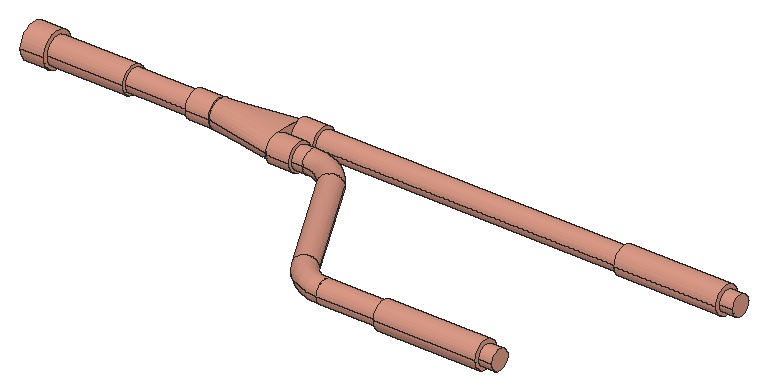
Revit family "outputfile", category 配管付属品, Revit 2024
Family settings
  丸型コネクタ寸法 = 半径を使用
  パーツ タイプ = 標準
  OmniClass 番号 = 23.65.55.00
  OmniClass タイトル = Distribution of Supplied Liquids/Gases
  作業面ベース = いいえ
  常に垂直 = はい
  ロード時にボイドで切り取り = いいえ
  共有 = いいえ
Parameters (values of type "BHRP25A33T")
  Description = ""
  製造元 = "Daikin"
  書き出し IFC クラス(タイプ) = "IfcPipeFittingType"
  定義済み IFC タイプ(タイプ) = "JUNCTION"
  Cost = 0
  Type Comments = ""
  Keynote = ""
  Type Image = (empty or 0)
  Assembly Code = ""
  mm⇔inch [instance] = yes
  l_InletPipe4 = 10.0 mm
  built-in parameter 1114242 [instance] = (empty or 0)
  Default Elevation = 0.0 mm
  モデル = "BHRP25A33T"
  table_StraightPipe [instance] = if(mm⇔inch, "Refnet Joint_BHRP25A-T_Liquid_StraightPipe", "Refnet Joint_BHRP25A-T_Liquid_StraightPipe_inch")  # "Refnet Joint_BHRP25A-T_Liquid_StraightPipe"
  table_BranchPipe [instance] = if(mm⇔inch, "Refnet Joint_BHRP25A-T_Liquid_BranchPipe", "Refnet Joint_BHRP25A-T_Liquid_BranchPipe_inch")  # "Refnet Joint_BHRP25A-T_Liquid_BranchPipe"
  table_Inlet [instance] = if(mm⇔inch, "Refnet Joint_BHRP25A-T_Liquid_Inlet", "Refnet Joint_BHRP25A-T_Liquid_Inlet_inch")  # "Refnet Joint_BHRP25A-T_Liquid_Inlet"
  switch_StraightPipe_Reducer [instance] = if(Is_StraightPipe Reducer = 1, 1 = 1, 1 = 0)  # no
  switch_StraightPipe3 [instance] = if(number_StraightPipe = 3, 1 = 1, 1 = 0)  # no
  switch_StraightPipe2 [instance] = if(number_StraightPipe < 2, 1 = 0, 1 = 1)  # yes
  switch_BranchPipe_Reducer [instance] = if(Is_BranchPipe Reducer = 1, 1 = 1, 1 = 0)  # no
  switch_BranchPipe3 [instance] = if(number_BranchPipe = 3, 1 = 1, 1 = 0)  # no
  switch_BranchPipe2 [instance] = if(number_BranchPipe < 2, 1 = 0, 1 = 1)  # yes
  switch_Inlet pipe_Reducer [instance] = if(Is_Inlet Reducer = 1, 1 = 1, 1 = 0)  # no
  switch_Inlet pipe3 [instance] = if(number_InletPipe = 3, 1 = 1, 1 = 0)  # no
  switch_Inlet pipe2 [instance] = if(number_InletPipe < 2, 1 = 0, 1 = 1)  # yes
  Uniclass2015Version = "Products v1.31"
  Uniclass2015Title = "Copper pipe fittings"
  Uniclass2015Code = "Pr_65_52_63_18"
  URL = ""
  StraightPipe_Liquid_ActualDiameter [instance] = 6.4 mm
  Material_Piping = DAIKIN_Copper_Pipe
  Material_Insulation = DAIKIN_White_Insulation
  lw_Insulation [instance] = size_lookup(table_Inlet, "lw_Insulation", 26.0 mm, モデル)  # 26.0 mm
  Unit Type = "BHRP25A-T_Liquid"
  Tag No. [instance] = ""
  StraightPipe_Liquid_Status [instance] = size_lookup(table_StraightPipe, "Information", "The connected pipe size is not available.", モデル, StraightPipe_Liquid_ActualDiameter)  # "Default connector size is used."
  Link_Nested Family [instance] = ""
  Inlet_Liquid_Actual Diameter [instance] = 12.7 mm
  IfcVersion = ""
  IfcExportType = "JUNCTION"
  IfcExportAs = "IfcPipeFittingType"
  BranchPipe_Liquid_Status [instance] = size_lookup(table_BranchPipe, "Information", "The connected pipe size is not available.", モデル, BranchPipe_Liquid_ActualDiameter)  # "Default connector size is used."
  Inlet_Liquid_Status [instance] = size_lookup(table_Inlet, "Information", "The connected pipe size is not available.", モデル, Inlet_Liquid_Actual Diameter)  # "Default connector size is used."
  Series = "Refnet Joint"
  O.R_dividePipe_Inlet [instance] = (I.D_InletPipe1 + 2.0 mm) / 2  # 5.75 mm
  r_StraightPipe_Connector [instance] = StraightPipe_Liquid_ActualDiameter / 2  # 3.2 mm
  r_BranchPipe_Connector [instance] = BranchPipe_Liquid_ActualDiameter / 2  # 3.2 mm
  r_Inlet_Connector [instance] = Inlet_Liquid_Actual Diameter / 2  # 6.35 mm
  number_StraightPipe [instance] = size_lookup(table_StraightPipe, "pipeNumber", 2, モデル, StraightPipe_Liquid_ActualDiameter)  # 2
  number_BranchPipe [instance] = size_lookup(table_BranchPipe, "pipeNumber", 2, モデル, BranchPipe_Liquid_ActualDiameter)  # 2
  number_InletPipe [instance] = size_lookup(table_Inlet, "pipeNumber", 1, モデル, Inlet_Liquid_Actual Diameter)  # 2
  r_BranchPipeR [instance] = size_lookup(table_BranchPipe, "r_offsetPipeR", 18.0 mm, モデル, BranchPipe_Liquid_ActualDiameter)  # 18.0 mm
  l_BranchPipe_Straight2 [instance] = size_lookup(table_BranchPipe, "L_offsetPipe2", 25.5 mm, モデル)  # 25.5 mm
  l_BranchPipe_Straight1 [instance] = size_lookup(table_BranchPipe, "L_offsetPipe1", 5.0 mm, モデル)  # 5.0 mm
  l_BranchPipe connector [instance] = size_lookup(table_BranchPipe, "Length", 150.0 mm, モデル, BranchPipe_Liquid_ActualDiameter)  # 150.0 mm
  l_inlet connector [instance] = size_lookup(table_Inlet, "Length", 70.0 mm, モデル, Inlet_Liquid_Actual Diameter)  # 80.0 mm
  l_dividePipe [instance] = size_lookup(table_Inlet, "L_devidePipe", 30.0 mm, モデル)  # 30.0 mm
  l_StraightPipeReducer [instance] = size_lookup(table_StraightPipe, "L_Reducer", 80.0 mm, モデル, StraightPipe_Liquid_ActualDiameter)  # 80.0 mm
  l_StraightPipe3 [instance] = size_lookup(table_StraightPipe, "L_Pipe3", 2.0 mm, モデル)  # 2.0 mm
  l_StraightPipe2 [instance] = size_lookup(table_StraightPipe, "L_Pipe2", 6.0 mm, モデル)  # 6.0 mm
  l_StraightPipe1 [instance] = size_lookup(table_StraightPipe, "L_Pipe1", 44.0 mm, モデル)  # 44.0 mm
  l_StraightPipe0 [instance] = size_lookup(table_StraightPipe, "L_Pipe0", 130.0 mm, モデル)  # 130.0 mm
  l_StraightPipe connector [instance] = size_lookup(table_StraightPipe, "Length", 190.0 mm, モデル, StraightPipe_Liquid_ActualDiameter)  # 190.0 mm
  l_BranchPipe Reducer [instance] = size_lookup(table_BranchPipe, "L_Reducer", 50.0 mm, モデル, BranchPipe_Liquid_ActualDiameter)  # 50.0 mm
  l_BranchPipe3 [instance] = size_lookup(table_BranchPipe, "L_Pipe3", 2.0 mm, モデル)  # 2.0 mm
  l_BranchPipe2 [instance] = size_lookup(table_BranchPipe, "L_Pipe2", 6.0 mm, モデル)  # 6.0 mm
  l_BranchPipe1 [instance] = size_lookup(table_BranchPipe, "L_Pipe1", 44.0 mm, モデル)  # 44.0 mm
  l_BranchPipe0 [instance] = size_lookup(table_BranchPipe, "L_Pipe0", 90.0 mm, モデル)  # 90.0 mm
  l_InletReducer [instance] = size_lookup(table_Inlet, "L_Reducer", 80.0 mm, モデル, Inlet_Liquid_Actual Diameter)  # 80.0 mm
  l_InletPipe3 [instance] = size_lookup(table_Inlet, "L_Pipe3", 2.0 mm, モデル)  # 2.0 mm
  l_InletPipe2 [instance] = size_lookup(table_Inlet, "L_Pipe2", 2.0 mm, モデル)  # 10.0 mm
  l_InletPipe1 [instance] = size_lookup(table_Inlet, "L_Pipe1", 7.0 mm, モデル)  # 33.0 mm
  l_InletPipe0 [instance] = size_lookup(table_Inlet, "L_Pipe0", 53.0 mm, モデル)  # 27.0 mm
  center_StraightPipe [instance] = size_lookup(table_StraightPipe, "center_Pipe", 6.5 mm, モデル)  # 6.5 mm
  center_BranchPipe2 [instance] = size_lookup(table_BranchPipe, "center_OffsetPipe", 73.5 mm, モデル)  # 73.5 mm
  center_BranchPipe1 [instance] = size_lookup(table_BranchPipe, "center_Pipe", 6.5 mm, モデル)  # 6.5 mm
  StraightPipe_Liquid_AvailableDiameter [instance] = size_lookup(table_StraightPipe, "sizeVariation", "", モデル)  # "6.4/9.5mm"
  BranchPipe_Liquid_AvailableDiameter [instance] = size_lookup(table_BranchPipe, "sizeVariation", "", モデル)  # "6.4/9.5mm"
  Inlet_Liquid_Available Diameter [instance] = size_lookup(table_Inlet, "sizeVariation", "", モデル)  # "9.5/12.7mm"
  O.D_StraightPipe Reducer [instance] = size_lookup(table_StraightPipe, "O.D_reducer", 2.0 mm, モデル, StraightPipe_Liquid_ActualDiameter)  # 2.0 mm
  O.D_Offset Outlet Reducer [instance] = size_lookup(table_BranchPipe, "O.D_reducer", 2.0 mm, モデル, BranchPipe_Liquid_ActualDiameter)  # 2.0 mm
  O.D_Inlet Reducer [instance] = size_lookup(table_Inlet, "O.D_reducer", 2.0 mm, モデル, Inlet_Liquid_Actual Diameter)  # 2.0 mm
  Is_StraightPipe Reducer [instance] = size_lookup(table_StraightPipe, "IsReducer", 0, モデル, StraightPipe_Liquid_ActualDiameter)  # 0
  Is_BranchPipe Reducer [instance] = size_lookup(table_BranchPipe, "IsReducer", 0, モデル, BranchPipe_Liquid_ActualDiameter)  # 0
  Is_Inlet Reducer [instance] = size_lookup(table_Inlet, "IsReducer", 0, モデル, Inlet_Liquid_Actual Diameter)  # 0
  BranchPipe_Liquid_ActualDiameter [instance] = 6.4 mm
  Attach_Insulation [instance] = no
  I.D_StraightPipe3 [instance] = size_lookup(table_StraightPipe, "I.D_PipeSize3", 2.0 mm, モデル)  # 2.0 mm
  I.D_StraightPipe2 [instance] = size_lookup(table_StraightPipe, "I.D_PipeSize2", 6.4 mm, モデル)  # 6.4 mm
  I.D_StraightPipe1 [instance] = size_lookup(table_StraightPipe, "I.D_PipeSize1", 9.5 mm, モデル)  # 9.5 mm
  I.D_StraightPipe0 [instance] = size_lookup(table_StraightPipe, "I.D_PipeSize0", 7.5 mm, モデル)  # 7.5 mm
  I.D_BranchPipe3 [instance] = size_lookup(table_BranchPipe, "I.D_PipeSize3", 2.0 mm, モデル)  # 2.0 mm
  I.D_BranchPipe2 [instance] = size_lookup(table_BranchPipe, "I.D_PipeSize2", 6.4 mm, モデル)  # 6.4 mm
  I.D_BranchPipe1 [instance] = size_lookup(table_BranchPipe, "I.D_PipeSize1", 9.5 mm, モデル)  # 9.5 mm
  I.D_BranchPipe0 [instance] = size_lookup(table_BranchPipe, "I.D_PipeSize0", 7.5 mm, モデル)  # 7.5 mm
  I.D_Straight Reducer [instance] = size_lookup(table_StraightPipe, "I.D_reducer", 2.0 mm, モデル, StraightPipe_Liquid_ActualDiameter)  # 2.0 mm
  I.D_OutletPipe [instance] = size_lookup(table_Inlet, "I.D_OutletPipeSize", 9.6 mm, モデル, Inlet_Liquid_Actual Diameter)  # 9.6 mm
  I.D_Branch Reducer [instance] = size_lookup(table_BranchPipe, "I.D_reducer", 2.0 mm, モデル, BranchPipe_Liquid_ActualDiameter)  # 2.0 mm
  I.D_Inlet Reducer [instance] = size_lookup(table_Inlet, "I.D_reducer", 2.0 mm, モデル, Inlet_Liquid_Actual Diameter)  # 2.0 mm
  I.D_InletPipe3 [instance] = size_lookup(table_Inlet, "I.D_PipeSize3", 2.0 mm, モデル)  # 2.0 mm
  I.D_InletPipe2 [instance] = size_lookup(table_Inlet, "I.D_PipeSize2", 2.0 mm, モデル)  # 12.7 mm
  I.D_InletPipe1 [instance] = size_lookup(table_Inlet, "I.D_PipeSize1", 9.5 mm, モデル)  # 9.5 mm
  I.D_InletPipe0 [instance] = size_lookup(table_Inlet, "I.D_PipeSize0", 7.5 mm, モデル)  # 7.5 mm
Reference planes
  plane 1 "Center (Front/Back)": y = 0
  plane 2: z = 0
  plane 3 "base_left": x = 0
  plane 4: x = 2
  plane 5: x = 12
  plane 6: x = 45
  plane 7: x = 72
  plane 8: x = 82
  plane 9: x = 112
  plane 10: x = 122
  plane 11 "center_straight outlet": y = 6.5
  plane 12 "center2_offset outlet": y = -73.5
  plane 13 "center1_offset outlet": y = -6.5
  plane 14: x = 252
  plane 15: x = 296
  plane 16: x = 302
  plane 17: x = 212
  plane 18: x = 256
  plane 19: x = 262
  plane 20: x = 304
  plane 21: x = 264
  plane 22 "Reducer_straightoutlet": x = 262
  plane 23: x = 302
  plane 24: y = -12.25
  plane 25: z = 5.75
  plane 26 "Inlet_connector": x = 2
  plane 27 "Left_Insulation": x = 56
Forms (mm)
  SweptBlend 1, solid, material "DAIKIN_Copper_Pipe" <- "Material_Piping"
    path origin (0, 0, 0) x (1, 0, 0) y (0, 1, 0)
      loop
        line (82, 0) -> (112, 0)
    profile origin (82, 0, 0) x (0, 1, 0) y (0, 0, 1)
      loop
        circle (0, 0) r 5.75
    end profile origin (112, 0, 0) x (0, 1, 0) y (0, 0, 1)
      loop
        spline (-12.25, 0) -> (-11.833, -1.488) -> (-10.609, -2.875) -> (-8.662, -4.066) -> (-6.125, -4.98) -> (-3.171, -5.554) -> (0, -5.75) -> (3.171, -5.554) -> (6.125, -4.98) -> (8.662, -4.066) -> (10.609, -2.875) -> (11.833, -1.488) -> (12.25, 0)
        spline (12.25, 0) -> (11.833, 1.488) -> (10.609, 2.875) -> (8.662, 4.066) -> (6.125, 4.98) -> (3.171, 5.554) -> (0, 5.75) -> (-3.171, 5.554) -> (-6.125, 4.98) -> (-8.662, 4.066) -> (-10.609, 2.875) -> (-11.833, 1.488) -> (-12.25, 0)
Dimensions and locks
  "l_InletPipe3": plane 3 "base_left" to plane 4
  "l_InletPipe2": plane 4 to plane 5
  "l_InletPipe1": plane 5 to plane 6
  "l_InletPipe0": plane 6 to plane 7
  "l_InletPipe4": plane 7 to plane 8
  "center_StraightPipe": plane 1 "Center (Front/Back)" to plane 11 "center_straight outlet"
  "center_BranchPipe2": plane 12 "center2_offset outlet" to plane 1 "Center (Front/Back)"
  "center_BranchPipe1": plane 13 "center1_offset outlet" to plane 1 "Center (Front/Back)"
  "l_dividePipe": plane 8 to plane 9
  plane 9 to plane 10 = 10.0 mm
  "l_StraightPipe0": plane 10 to plane 14
  "l_BranchPipe0": plane 10 to plane 17
  "l_BranchPipe1": plane 17 to plane 18
  "l_BranchPipe2": plane 18 to plane 19
  "l_StraightPipe1": plane 14 to plane 15
  "l_StraightPipe2": plane 15 to plane 16
  "l_StraightPipe3": plane 16 to plane 20
  "l_BranchPipe3": plane 19 to plane 21
  "l_BranchPipe connector": plane 9 to plane 22 "Reducer_straightoutlet"
  "l_StraightPipe connector": plane 9 to plane 23
  "O.R_dividePipe_Inlet": plane 24 to plane 13 "center1_offset outlet"
  "O.R_dividePipe_Inlet": plane 25 to plane 2
  "l_inlet connector": plane 26 "Inlet_connector" to plane 8
  "lw_Insulation": plane 27 "Left_Insulation" to plane 8
  "O.R_dividePipe_Inlet": radius of SweptBlend 1 sketch curve
  aligned and locked: level to plane 2
  aligned and locked: plane 2 to nested 1
  aligned and locked: plane 3 "base_left" to nested 1
  aligned and locked: plane 1 "Center (Front/Back)" to nested 1
  aligned and locked: plane 4 to nested 2
  aligned and locked: plane 1 "Center (Front/Back)" to nested 2
  aligned and locked: plane 5 to nested 2
  aligned and locked: plane 5 to nested 3
  aligned and locked: plane 6 to nested 3
  aligned and locked: plane 6 to nested 4
  aligned and locked: nested 4 to plane 7
  aligned and locked: nested 5 to plane 7
  aligned and locked: nested 5 to plane 8
  aligned and locked: plane 8 to SweptBlend 1 sketch curve
  aligned and locked: plane 9 to SweptBlend 1 sketch curve
  aligned and locked: plane 2 to SweptBlend 1 sketch curve  (x2)
  aligned and locked: plane 1 "Center (Front/Back)" to SweptBlend 1 sketch curve  (x2)
  aligned and locked: nested 6 to plane 9
  aligned and locked: nested 7 to plane 9
  aligned and locked: nested 6 to plane 11 "center_straight outlet"
  aligned and locked: nested 7 to plane 13 "center1_offset outlet"
  aligned and locked: nested 7 to plane 10
  aligned and locked: nested 6 to plane 10
  aligned and locked: nested 8 to plane 10
  aligned and locked: plane 14 to nested 8
  aligned and locked: nested 8 to plane 11 "center_straight outlet"
  aligned and locked: plane 14 to nested 9
  aligned and locked: nested 9 to plane 11 "center_straight outlet"
  aligned and locked: plane 15 to nested 9
  aligned and locked: nested 10 to plane 11 "center_straight outlet"
  aligned and locked: plane 15 to nested 10
  aligned and locked: plane 16 to nested 10
  aligned and locked: nested 11 to plane 12 "center2_offset outlet"
  aligned and locked: plane 17 to nested 11
  aligned and locked: plane 18 to nested 11
  aligned and locked: nested 12 to plane 12 "center2_offset outlet"
  aligned and locked: plane 18 to nested 12
  aligned and locked: plane 19 to nested 12
  aligned and locked: nested 13 to plane 10
  aligned and locked: nested 13 to plane 13 "center1_offset outlet"
  aligned and locked: nested 13 to plane 12 "center2_offset outlet"
  aligned and locked: plane 8 to nested 14
  aligned and locked: plane 1 "Center (Front/Back)" to nested 14
  aligned and locked: plane 11 "center_straight outlet" to nested 15
  aligned and locked: nested 15 to plane 9
  aligned and locked: nested 16 to plane 9
  aligned and locked: plane 12 "center2_offset outlet" to nested 16
  aligned and locked: nested 17 to plane 1 "Center (Front/Back)"
  aligned and locked: plane 16 to nested 18
  aligned and locked: plane 20 to nested 18
  aligned and locked: plane 19 to nested 19
  aligned and locked: plane 21 to nested 19
  aligned and locked: nested 20 to plane 12 "center2_offset outlet"
  aligned and locked: plane 23 to nested 21
  aligned and locked: nested 21 to plane 11 "center_straight outlet"
  aligned and locked: plane 4 to nested 1
  aligned and locked: plane 24 to SweptBlend 1 sketch curve
  aligned and locked: plane 25 to SweptBlend 1 sketch curve
  aligned and locked: nested 19 to plane 12 "center2_offset outlet"
  aligned and locked: nested 18 to plane 11 "center_straight outlet"
  aligned and locked: nested 17 to plane 26 "Inlet_connector"
  aligned and locked: plane 22 "Reducer_straightoutlet" to nested 20
  aligned and locked: plane 27 "Left_Insulation" to nested 22
  aligned and locked: plane 1 "Center (Front/Back)" to nested 22
Automatic sketch dimensions
  plane 1 "Center (Front/Back)" to SweptBlend 1 sketch curve = 0.0 mm
Nested families
  nested 1: "daikin_Pipe" at (1, 0, 0), I.D_Pipe <- "I.D_InletPipe3", display <- "switch_Inlet pipe3", type "*"
    with length_Pipe 2.0 mm, display no, O.D_Pipe 4.0 mm, I.D_Pipe 2.0 mm
  nested 2: "daikin_Pipe" at (7, 0, 0), I.D_Pipe <- "I.D_InletPipe2", display <- "switch_Inlet pipe2", type "*"
    with length_Pipe 10.0 mm, display yes, O.D_Pipe 14.7 mm, I.D_Pipe 12.7 mm
  nested 3: "daikin_Pipe" at (28.5, 0, 0), I.D_Pipe <- "I.D_InletPipe1", type "*"
    with length_Pipe 33.0 mm, display yes, O.D_Pipe 11.5 mm, I.D_Pipe 9.5 mm
  nested 4: "daikin_Pipe" at (58.5, 0, 0), I.D_Pipe <- "I.D_InletPipe0", type "*"
    with length_Pipe 27.0 mm, display yes, O.D_Pipe 9.5 mm, I.D_Pipe 7.5 mm
  nested 5: "daikin_Pipe" at (77, 0, 0), I.D_Pipe <- "I.D_InletPipe1", type "*"
    with length_Pipe 10.0 mm, display yes, O.D_Pipe 11.5 mm, I.D_Pipe 9.5 mm
  nested 6: "daikin_Pipe" at (117, 6.5, 0), I.D_Pipe <- "I.D_OutletPipe", type "*"
    with length_Pipe 10.0 mm, display yes, O.D_Pipe 11.6 mm, I.D_Pipe 9.6 mm
  nested 7: "daikin_Pipe" at (117, -6.5, 0), I.D_Pipe <- "I.D_OutletPipe", type "*"
    with length_Pipe 10.0 mm, display yes, O.D_Pipe 11.6 mm, I.D_Pipe 9.6 mm
  nested 8: "daikin_Pipe" at (187, 6.5, 0), I.D_Pipe <- "I.D_StraightPipe0", type "*"
    with length_Pipe 130.0 mm, display yes, O.D_Pipe 9.5 mm, I.D_Pipe 7.5 mm
  nested 9: "daikin_Pipe" at (274, 6.5, 0), I.D_Pipe <- "I.D_StraightPipe1", type "*"
    with length_Pipe 44.0 mm, display yes, O.D_Pipe 11.5 mm, I.D_Pipe 9.5 mm
  nested 10: "daikin_Pipe" at (299, 6.5, 0), I.D_Pipe <- "I.D_StraightPipe2", display <- "switch_StraightPipe2", type "*"
    with length_Pipe 6.0 mm, display yes, O.D_Pipe 8.4 mm, I.D_Pipe 6.4 mm
  nested 11: "daikin_Pipe" at (234, -73.5, 0), I.D_Pipe <- "I.D_BranchPipe1", type "*"
    with length_Pipe 44.0 mm, display yes, O.D_Pipe 11.5 mm, I.D_Pipe 9.5 mm
  nested 12: "daikin_Pipe" at (259, -73.5, 0), I.D_Pipe <- "I.D_BranchPipe2", display <- "switch_BranchPipe2", type "*"
    with length_Pipe 6.0 mm, display yes, O.D_Pipe 8.4 mm, I.D_Pipe 6.4 mm
  nested 13: "daikin_Pipe Ofsset" at (122, -6.5, 0), I.D_Pipe size <- "I.D_BranchPipe0", length_straight pipe1 <- "l_BranchPipe_Straight1", length_straight pipe2 <- "l_BranchPipe_Straight2", r_Pipe R <- "r_BranchPipeR", length_Pipe <- "l_BranchPipe0", type "*"
    with r_Pipe R 18.0 mm, length_straight pipe2 25.5 mm, length_straight pipe1 5.0 mm, length_offset center 67.0 mm, length_Pipe 90.0 mm, O.D_Pipe size 9.5 mm, I.D_Pipe size 7.5 mm
  nested 14: "daikin_connector_rotate2" at (82, 0, 0) x (0, -1, 0) z (0, 0, 1), length <- "l_inlet connector", type "daikin_connector_rotate2"
    with radius 5.0 mm, length 80.0 mm, angle_vertical 90.00°, locaton_mark no
  nested 15: "daikin_connector_rotate2" at (112, 6.5, 0) x (0, 1, 0) z (0, 0, 1), length <- "l_StraightPipe connector", type "daikin_connector_rotate2"
    with radius 5.0 mm, length 190.0 mm, angle_vertical 90.00°, locaton_mark no
  nested 16: "daikin_connector_rotate2" at (112, -73.5, 0) x (0, 1, 0) z (0, 0, 1), length <- "l_BranchPipe connector", type "daikin_connector_rotate2"
    with radius 5.0 mm, length 150.0 mm, angle_vertical 90.00°, locaton_mark no
  nested 17: "daikin_Pipe_reducer" at (42, 0, 0) x (-1, 0, 0) z (0, 0, 1), display <- "switch_Inlet pipe_Reducer", length_Pipe <- "l_InletReducer", I.D_Pipe1 <- "I.D_Inlet Reducer", O.D_Pipe2 <- "O.D_Inlet Reducer", type "*"
    with length_Pipe 80.0 mm, display no, O.D_Pipe2 2.0 mm, O.D_Pipe1 4.0 mm, I.D_Pipe2 0.0 mm, I.D_Pipe1 2.0 mm
  nested 18: "daikin_Pipe" at (303, 6.5, 0), I.D_Pipe <- "I.D_StraightPipe3", display <- "switch_StraightPipe3", type "*"
    with length_Pipe 2.0 mm, display no, O.D_Pipe 4.0 mm, I.D_Pipe 2.0 mm
  nested 19: "daikin_Pipe" at (263, -73.5, 0), I.D_Pipe <- "I.D_BranchPipe3", display <- "switch_BranchPipe3", type "*"
    with length_Pipe 2.0 mm, display no, O.D_Pipe 4.0 mm, I.D_Pipe 2.0 mm
  nested 20: "daikin_Pipe_reducer" at (237, -73.5, 0), I.D_Pipe1 <- "I.D_Branch Reducer", O.D_Pipe2 <- "O.D_Offset Outlet Reducer", length_Pipe <- "l_BranchPipe Reducer", display <- "switch_BranchPipe_Reducer", type "*"
    with length_Pipe 50.0 mm, display no, O.D_Pipe2 2.0 mm, O.D_Pipe1 4.0 mm, I.D_Pipe2 0.0 mm, I.D_Pipe1 2.0 mm
  nested 21: "daikin_Pipe_reducer" at (262, 6.5, 0), I.D_Pipe1 <- "I.D_Straight Reducer", O.D_Pipe2 <- "O.D_StraightPipe Reducer", length_Pipe <- "l_StraightPipeReducer", display <- "switch_StraightPipe_Reducer", type "*"
    with length_Pipe 80.0 mm, display no, O.D_Pipe2 2.0 mm, O.D_Pipe1 4.0 mm, I.D_Pipe2 0.0 mm, I.D_Pipe1 2.0 mm
  nested 22: "daikin_Insulation_RefnetJoint" at (56, 0, 0), I.D_Outlet PipeSize <- "I.D_OutletPipe", type "*"
    with h 41.6 mm, I.D_Outlet PipeSize 9.6 mm, display no
Connectors
  piping at (2, 0, 0), diameter 12.7, driven by "r_Inlet_Connector"
    settings: on nested 14, index 1, connector inside diameter 609.6 mm, connector length 0.0 mm, flow factor 0, pipe flow 0.00 m³/h, pressure drop 0.0 Pa, fitting loss kfactor 0, connector angle 0.00°, fixture units 0, engagement length 0.0 mm, angle of deflection 0.00°, flow configuration 0, flow direction 1, fitting loss method 0, system type 29, joint type 0, gender type 0, connector reference index -1, connector utility 0, adjustable connector no, is connector primary yes, connector description "Refnet Joint_Inlet_Liquid"
  piping at (262, -73.5, 0), diameter 6.4, driven by "r_BranchPipe_Connector"
    settings: on nested 16, index 2, connector inside diameter 609.6 mm, connector length 0.0 mm, flow factor 0, pipe flow 0.00 m³/h, pressure drop 0.0 Pa, fitting loss kfactor 0, connector angle 0.00°, fixture units 0, engagement length 0.0 mm, angle of deflection 0.00°, flow configuration 0, flow direction 2, fitting loss method 0, system type 29, joint type 0, gender type 0, connector reference index -1, connector utility 0, adjustable connector no, is connector primary no, connector description "Refnet Joint_Outlet Branch_Liquid"
  piping at (302, 6.5, 0), diameter 6.4, driven by "r_StraightPipe_Connector"
    settings: on nested 15, index 3, connector inside diameter 609.6 mm, connector length 0.0 mm, flow factor 0, pipe flow 0.00 m³/h, pressure drop 0.0 Pa, fitting loss kfactor 0, connector angle 0.00°, fixture units 0, engagement length 0.0 mm, angle of deflection 0.00°, flow configuration 0, flow direction 2, fitting loss method 0, system type 29, joint type 0, gender type 0, connector reference index -1, connector utility 0, adjustable connector no, is connector primary no, connector description "Refnet Joint_Outlet Straight_Liquid"
Definition of nested family "daikin_Pipe"
  Parameters (values of type "*")
    Default Elevation = 0.0 mm
    material = none
    length_Pipe [instance] = 150.0 mm
    display [instance] = yes
    O.D_Pipe [instance] = I.D_Pipe + 2.0 mm  # 27.0 mm
    I.D_Pipe [instance] = 25.0 mm
  Reference planes
    plane 1 "Center (Front/Back)": y = 0
    plane 2 "center(vertical)": z = 0
    plane 3 "Center (Left/Right)": x = 0
    plane 4 "left": x = -75
    plane 5 "right": x = 75
  Forms (mm)
    Extrusion 1, solid, material <- "material", visible <- "display"
      sketch origin (0, 0, 0) x (0, 1, 0) y (0, 0, 1)
        loop
          circle (0, 0) r 13.5
      from -75 to 75
  Dimensions and locks
    equal spacing: plane 4 "left", plane 3 "Center (Left/Right)", plane 5 "right"
    "length_Pipe": plane 4 "left" to plane 5 "right"
    "O.D_Pipe": diameter of Extrusion 1 sketch curve
    aligned and locked: level to plane 2 "center(vertical)"
    aligned and locked: plane 2 "center(vertical)" to Extrusion 1 sketch curve
    aligned and locked: plane 1 "Center (Front/Back)" to Extrusion 1 sketch curve
    aligned and locked: plane 5 "right" to Extrusion 1
    aligned and locked: Extrusion 1 to plane 4 "left"
Definition of nested family "daikin_Pipe Ofsset"
  Parameters (values of type "*")
    Default Elevation = 0.0 mm
    r_Pipe R [instance] = 18.0 mm
    material = none
    length_straight pipe2 [instance] = 25.5 mm
    length_straight pipe1 [instance] = 5.0 mm
    length_offset center [instance] = 67.5 mm
    length_Pipe [instance] = 90.0 mm
    O.D_Pipe size [instance] = I.D_Pipe size + 2.0 mm  # 12.0 mm
    I.D_Pipe size [instance] = 10.0 mm
  Reference planes
    plane 1 "Center (Front/Back)": y = 0
    plane 2: z = 0
    plane 3 "Center (Left/Right)": x = 0
    plane 4: y = -67.5
    plane 5: x = 90
    plane 6: x = 64.5
    plane 7: x = 5
  Forms (mm)
    Sweep 1, solid, material <- "material"
      path origin (0, 0, 0) x (1, 0, 0) y (0, 1, 0)
        loop
          line (0, 0) -> (5, 0)
          arc (5, 0) -> (14.03, -2.429) -> (20.623, -9.061) r 18
          line (20.623, -9.061) -> (48.877, -58.439)
          arc (48.877, -58.439) -> (55.47, -65.071) -> (64.5, -67.5) r 18
          line (64.5, -67.5) -> (90, -67.5)
      profile origin (2.5, 0, 0) x (0, 1, 0) y (0, 0, 1)
        loop
          circle (0, 0) r 6
  Dimensions and locks
    "length_offset center": plane 4 to plane 1 "Center (Front/Back)"
    "length_straight pipe1": plane 3 "Center (Left/Right)" to plane 7
    "length_Pipe": plane 3 "Center (Left/Right)" to plane 5
    "length_straight pipe2": plane 6 to plane 5
    "O.D_Pipe size": diameter of Sweep 1 sketch curve
    "r_Pipe R": radius of Sweep 1 sketch curve  (x2)
    aligned and locked: level to plane 2
    aligned and locked: plane 1 "Center (Front/Back)" to Sweep 1 sketch curve
    aligned and locked: profile plane to Sweep 1 sketch curve
    aligned and locked: plane 5 to Sweep 1 sketch curve
    aligned and locked: plane 7 to Sweep 1 sketch curve
    aligned and locked: plane 6 to Sweep 1 sketch curve
  Automatic sketch dimensions
    plane 1 "Center (Front/Back)" to Sweep 1 sketch curve = 0.0 mm
    Sweep 1 sketch curve to plane 3 "Center (Left/Right)" = 0.0 mm
    plane 4 to Sweep 1 sketch curve = 0.0 mm
Definition of nested family "daikin_connector_rotate2"
  Parameters (values of type "daikin_connector_rotate2")
    show_face = no
    radius [instance] = 10.0 mm
    locaton_mark = yes
    length [instance] = 600.0 mm
    d_surface = 10.0 mm
    angle_vertical [instance] = 90.00°
    Default Elevation = 0.0 mm
  Reference planes
    plane 1 "Center (Front/Back)": y = 0
    plane 2: z = 0
    plane 3 "Center (Left/Right)": x = 0
  Forms (mm)
    Extrusion 1, solid, visible <- "show_face"
      sketch origin (0, -600, 0) x (1, 0, 0) y (0, 0, 1)
        loop
          circle (0, 0) r 10
      from 0 to -10
  Lines and regions (mm)
    reference lines
      curve 1: line (0, 0, 0) -> (0, -600, 0)
    symbolic lines, visible <- "locaton_mark"
      curve 2: circle (0, 0, 0) r 5 normal (0, 0, 1)
    model lines, visible <- "show_face"
      curve 3: line (0, 0, 0) -> (0, -600, 0)
  Dimensions and locks
    "length": curve 1 to curve 1
    "length": curve 3 to curve 3
    "d_surface": Extrusion 1 to Extrusion 1
    "radius": radius of Extrusion 1 sketch curve
    "angle_vertical": angle curve 1 to plane 1 "Center (Front/Back)"
    "angle_vertical": angle curve 3 to plane 1 "Center (Front/Back)"
    aligned and locked: level to plane 2
    aligned and locked: plane 1 "Center (Front/Back)" to curve 1
    aligned and locked: plane 2 to curve 1
    aligned and locked: plane 1 "Center (Front/Back)" to curve 2
    aligned and locked: plane 3 "Center (Left/Right)" to curve 2
    aligned and locked: plane 1 "Center (Front/Back)" to curve 3
    aligned and locked: plane 2 to curve 3
    aligned and locked: Extrusion 1 to Extrusion 1
  Automatic sketch dimensions
    Extrusion 1 sketch curve to level = 0.0 mm
    Extrusion 1 sketch curve to plane 3 "Center (Left/Right)" = 0.0 mm
    radius of curve 2 = 5.0 mm
Definition of nested family "daikin_Pipe_reducer"
  Parameters (values of type "*")
    Default Elevation = 0.0 mm
    material = none
    length_Pipe [instance] = 250.0 mm
    display [instance] = yes
    O.D_Pipe2 [instance] = 19.1 mm
    O.D_Pipe1 [instance] = I.D_Pipe1 + 2.0 mm  # 24.2 mm
    I.D_Pipe2 [instance] = O.D_Pipe2 - 2.0 mm  # 17.1 mm
    I.D_Pipe1 [instance] = 22.2 mm
  Reference planes
    plane 1 "Center (Front/Back)": y = 0
    plane 2 "center(vertical)": z = 0
    plane 3 "Center (Left/Right)": x = 0
    plane 4 "connection": x = -125
    plane 5 "right": x = 113
    plane 6: x = 125
  Forms (mm)
    Extrusion 1, solid, material <- "material", visible <- "display"
      sketch origin (0, 0, 0) x (0, 1, 0) y (0, 0, 1)
        loop
          circle (0, 0) r 9.55
      from -125 to 113
    Extrusion 2, solid, material <- "material", visible <- "display"
      sketch origin (0, 0, 0) x (0, 1, 0) y (0, 0, 1)
        loop
          circle (0, 0) r 12.1
      from 113 to 125
  Dimensions and locks
    locked: plane 5 "right" to plane 6 at 12
    "length_Pipe": plane 4 "connection" to plane 6
    equal spacing: plane 4 "connection", plane 3 "Center (Left/Right)", plane 6
    "O.D_Pipe2": diameter of Extrusion 1 sketch curve
    "O.D_Pipe1": diameter of Extrusion 2 sketch curve
    aligned and locked: level to plane 2 "center(vertical)"
    aligned and locked: plane 2 "center(vertical)" to Extrusion 1 sketch curve
    aligned and locked: plane 1 "Center (Front/Back)" to Extrusion 1 sketch curve
    aligned and locked: plane 5 "right" to Extrusion 1
    aligned and locked: Extrusion 1 to plane 4 "connection"
    aligned and locked: plane 2 "center(vertical)" to Extrusion 2 sketch curve
    aligned and locked: plane 1 "Center (Front/Back)" to Extrusion 2 sketch curve
    aligned and locked: Extrusion 2 to plane 5 "right"
    aligned and locked: plane 6 to Extrusion 2
Definition of nested family "daikin_Insulation_RefnetJoint"
  Parameters (values of type "*")
    d_Insulation3_3 = size_lookup(table_Insulation, "d_Insulation3_3", 131.5 mm, Model)  # 64.0 mm
    d_Insulation2_2 = size_lookup(table_Insulation, "d_Insulation2_2", 79.0 mm, Model)  # 30.0 mm
    d_Insulation1_1 = size_lookup(table_Insulation, "d_Insulation1_1", 56.0 mm, Model)  # 22.0 mm
    Default Elevation = 0.0 mm
    Model = "BHRP25A22T"
    w_Insulation5 = size_lookup(table_Insulation, "w_Insulation5", 212.0 mm, Model)  # 153.0 mm
    w_Insulation4 = size_lookup(table_Insulation, "w_Insulation4", 67.0 mm, Model)  # 48.6 mm
    w_Insulation3 = size_lookup(table_Insulation, "w_Insulation3", 34.7 mm, Model)  # 31.7 mm
    w_Insulation2 = size_lookup(table_Insulation, "w_Insulation2", 80.0 mm, Model)  # 35.4 mm
    w_Insulation1 = size_lookup(table_Insulation, "w_Insulation1", 22.0 mm, Model)  # 1.0 mm
    table_Insulation = "Refnet Joint_BHRP25A-T_Liquid_Insulation"  # constant formula
    material = none
    h [instance] = (I.D_Outlet PipeSize + 2.0 mm) + 30.0 mm  # 47.0 mm
    display = yes
    d_Insulation3 = size_lookup(table_Insulation, "d_Insulation3", 131.5 mm, Model)  # 63.0 mm
    d_Insulation2 = size_lookup(table_Insulation, "d_Insulation2", 79.0 mm, Model)  # 32.0 mm
    d_Insulation1 = size_lookup(table_Insulation, "d_Insulation1", 56.0 mm, Model)  # 24.0 mm
    I.D_Outlet PipeSize [instance] = 15.0 mm
  Reference planes
    plane 1 "Center (Front/Back)": y = 0
    plane 2: z = 0
    plane 3 "Left": x = 0
    plane 4 "top": z = 23.5
    plane 5 "bottom": z = -23.5
    plane 6: x = 1
    plane 7: x = 35.4
    plane 8: y = 22
    plane 9: y = -24
    plane 10: y = 30
    plane 11: y = -32
    plane 12: y = -97
    plane 13: x = 153
    plane 14: y = -34
    plane 15: x = 67.1
    plane 16: x = 104.4
  Forms (mm)
    Extrusion 1, solid, material <- "material", visible <- "display"
      sketch origin (-21, 0, 0) x (1, 0, 0) y (0, 1, 0)
        loop
          line (22, 22) -> (21, 22) -> (21, -24) -> (22, -24) -> (56.4, -32) -> (88.1, -32) -> (125.4, -97) -> (174, -97) -> (174, -51) -> (164.5, -51)
          arc (164.5, -51) -> (147.5, -34) -> (164.5, -17) r 17
          line (164.5, -17) -> (174, -17) -> (174, 30) -> (56.4, 30) -> (22, 22)
      from -23.5 to 23.5
  Dimensions and locks
    equal spacing: plane 4 "top", plane 2, plane 5 "bottom"
    "h": plane 4 "top" to plane 5 "bottom"
    "w_Insulation1": plane 3 "Left" to plane 6
    "w_Insulation2": plane 3 "Left" to plane 7
    "w_Insulation5": plane 3 "Left" to plane 13
    "w_Insulation3": plane 7 to plane 15
    "w_Insulation4": plane 16 to plane 13
    "d_Insulation1": plane 1 "Center (Front/Back)" to plane 9
    "d_Insulation1_1": plane 8 to plane 1 "Center (Front/Back)"
    "d_Insulation2": plane 1 "Center (Front/Back)" to plane 11
    "d_Insulation2_2": plane 10 to plane 1 "Center (Front/Back)"
    "d_Insulation3_3": plane 10 to plane 14
    "d_Insulation3": plane 14 to plane 12
    Extrusion 1 sketch curve to plane 14 to Extrusion 1 sketch curve = 17.0 mm locked, 17.0 mm locked
    aligned and locked: level to plane 2
    aligned and locked: Extrusion 1 to plane 5 "bottom"
    aligned and locked: plane 4 "top" to Extrusion 1
    aligned and locked: plane 6 to Extrusion 1  (x2)
    aligned and locked: plane 7 to Extrusion 1  (x2)
    aligned and locked: plane 6 to Extrusion 1 sketch curve
    aligned and locked: Extrusion 1 sketch curve to plane 11
    aligned and locked: plane 7 to Extrusion 1 sketch curve  (x2)
    aligned and locked: Extrusion 1 sketch curve to plane 10
    aligned and locked: Extrusion 1 sketch curve to plane 12
    aligned and locked: Extrusion 1 sketch curve to plane 13  (x2)
    aligned and locked: plane 16 to Extrusion 1 sketch curve
    aligned and locked: plane 15 to Extrusion 1 sketch curve
  Automatic sketch dimensions
    Extrusion 1 sketch curve to plane 3 "Left" = 0.0 mm
    Extrusion 1 sketch curve to plane 6 = 0.0 mm
    Extrusion 1 sketch curve to plane 9 = 0.0 mm
    Extrusion 1 sketch curve to plane 8 = 0.0 mm
    Extrusion 1 sketch curve to plane 13 = 9.5 mm
